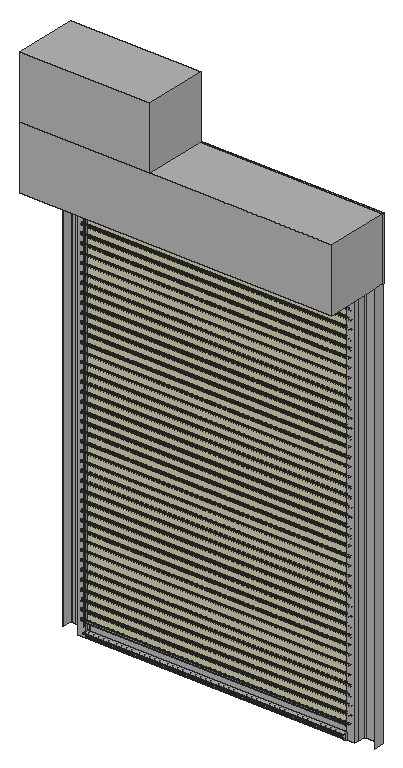
Revit family "Door-Service_Extreme-CornellIron-1024-BetweenJambMount", category Doors, host Wall, Revit 2013
Parameters (values of type "Motor Top Mount Left")
  Windload = "Up to 20psf Ultimate/10psf operable standard.  A full range of specific wind load requirements available- Consult Cornell Iron Works."  # constant formula
  Wall Construction = "Masonry, Steel , Mounting to Tubes"  # constant formula
  URL Specifications = "http://www.cornelliron.com/docs/default-source/Specifications/extreme-performance-1024-insulated-rolling-service-doors-specification.doc?sfvrsn=3"
  URL Photographs = "http://www.cornelliron.com/inspiration-customization/project-gallery"
  URL CAD = "http://www.cornelliron.com/architect-tools-and-resources/drawing-generator"
  URL = "http://www.cornelliron.com/extremeserviceproducts.html"
  Sizing Disclaimer = "Up to 30’ wide, 20’ high standard construction."  # constant formula
  Revit Object Download Link = "http://cornellcookson.smartbim.com/download/Door_Service_Extreme-CornellIron-1024-BetweenJambMount"
  Optional Powder Coated Finish Standard RAL Colors Galv Steel and Aluminum Only = yes
  Subcategory = "Overhead Doors"  # constant formula
  Sound Transmission Class Rating = "STC 27, based on a complete, operable door assembly"  # constant formula
  Shutter Panel Width = Width - 1' 0"  # 7' - 0"
  Representative Disclaimer = "Cornell Iron Works' products are sold and installed through a nationwide network of independent distributors."  # constant formula
  Product Options = "Vision Windows, Fenestrations, Sloping Bottom Bar, Sloped hood"  # constant formula
  Operator Width = Width - 2 * 0' 3 31/128"  # 7' - 5 33/64"
  Opening Width = Width  # 8' - 0"
  Opening Height = Height  # 10' - 0"
  Open Speed = "24 ips max"  # constant formula
  Mounting = "Between Jambs"  # constant formula
  Motor Height Adjustable Right = 0' - 0"
  Motor Height Adjustable Left = 1' - 7 1/2"
  Jamb Dimension Note = "Face of Wall: 4 5/8” to  8 5/16” wide. Consult Cornell Iron Works when dimensions are critical. Between Jambs:  13 13/16\" wide. Consult Cornell Iron Works when dimensions are critical."
  Insulation Solid Polyurethane Visibility [instance] = yes
  Insulation Panel = Insulation - CornellIron - Plastic Smooth Ash
  Hood Offset On Right = 0' - 0"  # constant formula
  Hood Offset On Left = 0' - 0"  # constant formula
  Motor Length = 3' - 4"  # constant formula
  Motor Height = 1' - 7 1/2"  # constant formula
  Motor Depth = 1' - 7 1/2"  # constant formula
  Motor Cover Visibility Top Right Standard = no
  Motor Cover Visibility Top Left Standard = yes
  Motor Cover Visibility Front Right Standard = no
  Motor Cover Visibility Front Left Standard = no
  Model = "Cornell Iron Works / EPD1024 / EPI1024"  # constant formula
  Manufacturer = "Cornell Iron Works"  # constant formula
  LEED Information = "http://www.cornelliron.com/architect-tools-and-resources/leed-information"
  Jamb Height = Height + 0' 6 1/2"  # 10' - 6 1/2"
  Hood Height = 1' - 7 1/2"  # constant formula
  Hood Depth = 1' - 7 1/2"  # constant formula
  Hood = Metal - Steel - CornellIron - Steel - w - Powder Coated - Rust Inhibiting Paint
  Guides = Metal - Steel - CornellIron - Steel - w - Powder Coated - Rust Inhibiting Paint
  Function = Interior
  Height = 10' - 0"
  Wall Closure = By host
  Width = 8' - 0"
  Distributor Locator = "http://www.cornelliron.com/contact-us"
  Description = "Extreme1024 high-speed, high-cycle doors provide a proven combination of steel door security, minimal maintenance requirements and exceptional cycle life unmatched by other performance doors. Extreme1024 doors are tested to perform for over a million cycles at an opening speed of 24” per second - three times faster than standard coiling or overhead sectional doors. Designed to maximize your return on investment, the 1024 door provides the lowest lifetime cost and lowest cost-per-cycle versus other high-speed slatted products. And, its cost-per-cycle savings dramatically increase when compared to standard coiling doors that may be mistakenly considered for high-cycle openings. Durability, environmental separation qualities and ease of repair after impact makes Extreme1024 doors the superior choice for high-use openings."  # constant formula
  Cycle Life = "1,000,000 cycles"  # constant formula
  Curtain Slats Filled w Insulation = Metal - Galvanized Steel - CornellIron - Stainless Steel Brushed - Curtain Only
  Cost Note = "Based on size, materials selected. Consult Cornell Iron Works."  # constant formula
  Coil Dimension Note = "20” to 26” -  Consult Cornell Iron Works when dimensions are critical."
  Closing Speed = "12 ips max"  # constant formula
  Bottom Bar = Metal - Steel - CornellIron - Steel - w - Powder Coated - Rust Inhibiting Paint
  95 CSI = "08330"  # constant formula
  04 CSI = "08 33 00"  # constant formula
  # of Shutter Panles = (Height / 0' 2 93/128") + 1  # 45
Types (5): name | Motor Height Adjustable Right | Motor Height Adjustable Left | Motor Cover Visibility Top Right Standard | Motor Cover Visibility Top Left Standard | Motor Cover Visibility Front Right Standard | Motor Cover Visibility Front Left Standard | Bottom Bar
  (no name) | 0' - 0" | 1' - 7 1/2" | no | yes | no | no | Metal - Steel - CornellIron - Steel - w - Powder Coated - Rust Inhibiting Paint
  Motor Front Mount Left | 0' - 0" | 0' - 0" | no | no | no | yes | Metal - Steel - CornellIron - Stainless Steel - Double Angle w Powder Coat
  Motor Front Mount Right | 0' - 0" | 0' - 0" | no | no | yes | no | Metal - Steel - CornellIron - Steel - w - Powder Coated - Rust Inhibiting Paint
  Motor Top Mount Right | 1' - 7 1/2" | 0' - 0" | yes | no | no | no | Metal - Steel - CornellIron - Steel - w - Powder Coated - Rust Inhibiting Paint
  Motor Top Mount Left | 0' - 0" | 1' - 7 1/2" | no | yes | no | no | Metal - Steel - CornellIron - Steel - w - Powder Coated - Rust Inhibiting Paint
Reference planes (in)
  plane 1 "Center (Front/Back)": y = 0
  plane 2 "Center (Left/Right)": x = 0
  plane 3 "Left": x = -48
  plane 4 "Right": x = 48
  plane 5 "Top": z = 146
  plane 6 "Exterior": y = 3
  plane 7 "Interior": y = -3
  plane 8: z = 3.71875
  plane 9: y = -3
  plane 10: x = 42
  plane 11: x = -42
  plane 12: y = -12.14029
  plane 13: z = 4.12519
  plane 14: x = -40
  plane 15: x = 40
  plane 16: z = 6.85141
  plane 17: z = 120
  plane 18: x = -42.50805
  plane 19: x = -42.25805
  plane 20: x = 42.50805
  plane 21: x = 42.25805
  plane 22: x = 48
  plane 23: y = -19.25015
  plane 24: z = 133
  plane 25: y = -11.12507
  plane 26: x = -48
  plane 27: y = -3
  plane 28: z = 0
  plane 29: x = -48
  plane 30: x = 48
  plane 31: z = 126.5
  plane 32: y = 0.24985
  plane 33: y = 0.24985
  plane 34: y = 0.49985
  plane 35: y = 0.24985
Forms (in)
  Sweep 1, solid, material "Metal - Steel - CornellIron - Steel - w - Powder Coated - Rust Inhibiting Paint" <- "Bottom Bar"
    path origin (0, 0, 0) x (1, 0, 0) y (0, 1, 0)
      loop
        line (-40, -3) -> (40, -3)
    profile "Profile_Shutter-Bottom : Parametric" origin (0, -3, 0) x (0, 1, 0) y (0, 0, 1)
      loop
        arc (-1.98389, 1.8432) -> (-2.00598, 1.83405) -> (-2.01514, 1.81195) r 0.03125
        line (-2.01514, 1.81195) -> (-2.01514, 1.7182) -> (-1.02042, 1.7182) -> (-1.02042, 0.27232)
        arc (-1.02042, 0.27232) -> (-0.94066, 0.07976) -> (-0.7481, 0) r 0.27232
        line (-0.7481, 0) -> (0.75043, 0)
        arc (0.75043, 0) -> (0.943, 0.07976) -> (1.02276, 0.27232) r 0.27232
        line (1.02276, 0.27232) -> (1.02276, 1.7182) -> (2.01286, 1.7182) -> (2.01286, 1.81195)
        arc (2.01286, 1.81195) -> (2.00371, 1.83405) -> (1.98161, 1.8432) r 0.03125
        line (1.98161, 1.8432) -> (0.20036, 1.8432)
        arc (0.20036, 1.8432) -> (0.15617, 1.86151) -> (0.13786, 1.9057) r 0.0625
        line (0.13786, 1.9057) -> (0.13786, 3.68695)
        arc (0.13786, 3.68695) -> (0.12871, 3.70905) -> (0.10661, 3.7182) r 0.03125
        line (0.10661, 3.7182) -> (0.01758, 3.7182) -> (0.01758, 1.7182) -> (-0.01758, 1.7182) -> (-0.01758, 3.7182) -> (-0.10889, 3.7182)
        arc (-0.10889, 3.7182) -> (-0.13098, 3.70905) -> (-0.14014, 3.68695) r 0.03125
        line (-0.14014, 3.68695) -> (-0.14014, 1.9057)
        arc (-0.14014, 1.9057) -> (-0.15844, 1.86151) -> (-0.20264, 1.8432) r 0.0625
        line (-0.20264, 1.8432) -> (-1.98389, 1.8432)
  Sweep 2, solid, material "Metal - Galvanized Steel - CornellIron - Stainless Steel Brushed - Curtain Only" <- "Curtain Slats Filled w Insulation"
    path origin (0, 0, 3.71875) x (1, 0, 0) y (0, 1, 0)
      loop
        line (-42, -3) -> (42, -3)
    profile "Profile_Shutter-Bottom Piece : Parametric" origin (0, -3, 3.71875) x (0, 1, 0) y (0, 0, 1)
      loop
        arc (-0.37489, 0.23753) -> (-0.35382, 0.58971) -> (-0.03361, 0.44159) r 0.21354
        line (-0.03361, 0.44159) -> (-0.00349, 0.45138)
        arc (-0.00349, 0.45138) -> (-0.38162, 0.60918) -> (-0.37521, 0.1995) r 0.24491
        line (-0.37521, 0.1995) -> (-0.04434, 0.03306)
        arc (-0.04434, 0.03306) -> (-0.02406, 0.01446) -> (-0.01656, -0.01202) r 0.05046
        line (-0.01656, -0.01202) -> (-0.01656, -2.00055) -> (0.01757, -2.00055) -> (0.01757, -0.01202)
        arc (0.01757, -0.01202) -> (0.00499, 0.03237) -> (-0.02901, 0.06355) r 0.08459
        line (-0.02901, 0.06355) -> (-0.37489, 0.23753)
  Sweep 3, solid, material "Metal - Steel - CornellIron - Steel - w - Powder Coated - Rust Inhibiting Paint" <- "Hood"
    path origin (90, 12, 126.5) x (1, 0, 0) y (0, 1, 0)
      loop
        line (-138, -11.75015) -> (-42, -11.75015)
    profile "Profile_Hood-CornellIron : Parametric" origin (0, 0.24985, 126.5) x (0, 1, 0) y (0, 0, 1)
      loop
        line (0, 19.5) -> (-19.5, 19.5) -> (-19.5, 0) -> (0, 0) -> (0, 19.5)
  Sweep 4, solid, material "Metal - Steel - CornellIron - Steel - w - Powder Coated - Rust Inhibiting Paint" <- "Hood"
    path origin (90, 12, 126.5) x (1, 0, 0) y (0, 1, 0)
      loop
        line (-138, -11.75015) -> (-42, -11.75015)
    profile origin (0, 0.24985, 126.5) x (0, 1, 0) y (0, 0, 1)
      loop
        line (0.25, 0) -> (0.25, 19.5) -> (0, 19.5) -> (0, 0) -> (0.25, 0)
Lines and regions (in)
  Opening 1
    outline origin (-90, -3, 0) x (1, 0, 0) y (0, 0, 1)
      loop
        line (42, 0) -> (138, 0) -> (138, 146) -> (42, 146) -> (42, 0)
  Opening 2
    outline origin (-60, -3, 0) x (1, 0, 0) y (0, 0, 1)
      loop
        line (52, 165.5) -> (12, 165.5) -> (12, 145.96875) -> (52, 145.96875) -> (52, 165.5)
  symbolic lines, style "Hood"
    curve 1: line (-48, -3, 120) -> (-48, -19.25015, 120)
    curve 2: line (-48, -19.25015, 120) -> (48, -19.25015, 120)
    curve 3: line (48, -3, 120) -> (48, -19.25015, 120)
    curve 4: line (-48, -3, 120) -> (48, -3, 120)
  symbolic lines, style "Doors"
    curve 5: line (42, -2.75926, 126.5) -> (-42, -2.75926, 126.5)
    curve 6: line (-42, -2.75926, 126.5) -> (-42, -3.52619, 126.5)
    curve 7: line (-42, -3.52619, 126.5) -> (42, -3.52619, 126.5)
    curve 8: line (42, -3.52619, 126.5) -> (42, -2.75926, 126.5)
    curve 9: line (-40, -0.98714, 126.5) -> (40, -0.98714, 126.5)
    curve 10: line (-40, -5.01514, 126.5) -> (-40, -3.52619, 126.5)
    curve 11: line (40, -5.01514, 126.5) -> (-40, -5.01514, 126.5)
    curve 12: line (40, -0.98714, 126.5) -> (40, -2.75926, 126.5)
    curve 13: line (-40, -2.75926, 126.5) -> (-40, -0.98714, 126.5)
    curve 14: line (40, -3.52619, 126.5) -> (40, -5.01514, 126.5)
Text (in)
  text "Exterior" at (-158.51321, 27.31104, 0), in view "Ref. Level"
  text "Interior" at (-158.51321, -25.14366, 0), in view "Ref. Level"
  text "Exterior" at (0, 40.15149, 123.01588), in view "Right"
  text "Interior" at (0, -64.39139, 123.01588), in view "Right"
  text "Interior" at (0, -31.01599, 123.00693), in view "Left"
  text "Exterior" at (0, 54.57065, 123.00693), in view "Left"
Dimensions and locks (in)
  equal spacing: plane 3 "Left", plane 2 "Center (Left/Right)", plane 4 "Right"
  "Height": level to plane 17
  "Width": plane 3 "Left" to plane 4 "Right"
  locked: level to plane 8 at 3.71875
  locked: plane 9 to plane 7 "Interior"
  locked: plane 10 to plane 4 "Right" at 6
  locked: plane 3 "Left" to plane 11 at 6
  locked: plane 13 to plane 8 at 0.40644
  locked: plane 3 "Left" to plane 14 at 8
  locked: plane 15 to plane 4 "Right" at 8
  locked: plane 16 to plane 13 at 2.72622
  "Hood Height": plane 31 to plane 5 "Top"
  equal spacing: group 1, group 2, group 3, group 4, group 5, group 6, group 7, group 8, group 9, group 10, group 11, group 12, group 13, group 14, group 15, group 16, group 17, group 18, group 19, group 20, group 21, group 22, group 23, group 24, group 25, group 26, group 27, group 28, group 29, group 30, group 31, group 32, group 33, group 34, group 35, group 36, group 37, group 38, group 39, group 40, group 41, group 42, group 43, group 44, group 45  (x3)
  locked: plane 3 "Left" to plane 18 at 5.49195
  locked: plane 18 to plane 19 at 0.25
  locked: plane 20 to plane 21 at 0.25
  locked: plane 20 to plane 4 "Right" at 5.49195
  "Hood Offset On Right": plane 4 "Right" to plane 22
  equal spacing: plane 5 "Top", plane 24, plane 17
  "Hood Offset On Left": plane 26 to plane 3 "Left"
  locked: plane 9 to plane 27
  equal spacing: plane 26, plane 29, plane 3 "Left"
  "Hood Depth": plane 35 to plane 23
  equal spacing: plane 27, plane 25, plane 23
  equal spacing: plane 22, plane 30, plane 4 "Right"
  locked: plane 17 to plane 31 at 6.5
  locked: plane 33 to plane 27 at 3.24985
  locked: Sweep 4 sketch curve to Sweep 4 sketch curve at 0.25
  locked: Sweep 4 sketch curve to plane 27 at 3.24985
  locked: plane 34 to plane 35 at 0.25
  locked: plane 35 to plane 27 at 3.24985
  locked: Opening 2 sketch curve to plane 5 "Top" at 0.03125
  "Motor Height Adjustable Left": plane 5 "Top" to Opening 2 sketch curve
  aligned and locked: plane 3 "Left" to Opening 1 sketch curve
  aligned and locked: plane 5 "Top" to Opening 1 sketch curve  (x2)
  aligned and locked: Opening 1 sketch curve to plane 4 "Right"
  aligned and locked: Opening 1 sketch curve to level
  aligned and locked: plane 6 "Exterior" to host wall
  aligned and locked: plane 7 "Interior" to host wall
  aligned and locked: plane 3 "Left" to nested 1
  aligned and locked: plane 9 to nested 1
  aligned and locked: level to nested 1
  aligned and locked: nested 2 to level
  aligned and locked: nested 2 to plane 9
  aligned and locked: plane 4 "Right" to nested 2
  aligned and locked: Sweep 1 sketch curve to plane 9
  aligned and locked: Sweep 2 sketch curve to plane 9
  aligned and locked: plane 11 to Sweep 2 sketch curve
  aligned and locked: plane 10 to Sweep 2 sketch curve
  aligned and locked: plane 15 to Sweep 1 sketch curve
  aligned and locked: plane 14 to Sweep 1 sketch curve
  aligned and locked: nested 3 to plane 13
  aligned and locked: nested 3 to plane 9
  aligned and locked: plane 16 to nested 4
  aligned and locked: nested 4 to plane 9
  aligned and locked: nested 4 to plane 2 "Center (Left/Right)"
  aligned and locked: plane 23 to nested 22
  aligned and locked: nested 24 to plane 23
  aligned and locked: nested 23 to plane 5 "Top"
  aligned and locked: plane 5 "Top" to nested 25
  aligned and locked: plane 28 to level
  aligned and locked: plane 5 "Top" to nested 24
  aligned and locked: plane 26 to Sweep 3 sketch curve
  aligned and locked: plane 22 to Sweep 3 sketch curve
  aligned and locked: nested 23 to plane 22
  aligned and locked: nested 22 to plane 22
  aligned and locked: plane 26 to curve 1
  aligned and locked: curve 2 to plane 23
  aligned and locked: nested 22 to curve 3
  aligned and locked: curve 4 to plane 27
  aligned and locked: plane 29 to Sweep 4 sketch curve
  aligned and locked: plane 30 to Sweep 4 sketch curve
  aligned and locked: Sweep 4 sketch curve to plane 33
  aligned and locked: Sweep 3 sketch curve to plane 35
  aligned and locked: nested 25 to Opening 2 sketch curve
  aligned and locked: Opening 2 sketch curve to host wall
  aligned and locked: Sweep 3 to nested 23
  aligned and locked: nested 25 to Sweep 3  (x2)
  aligned and locked: nested 24 to Sweep 3
  aligned and locked: plane 31 to nested 22
  aligned and locked: Sweep 4 to plane 5 "Top"
  aligned and locked: curve 5 to nested 51
  aligned and locked: curve 6 to nested 51
  aligned and locked: curve 7 to nested 51
  aligned and locked: curve 8 to nested 51
  aligned and locked: curve 9 to Sweep 1
  aligned and locked: curve 10 to Sweep 1
  aligned and locked: curve 11 to Sweep 1
  aligned and locked: curve 12 to Sweep 1
Automatic sketch dimensions
  Sweep 4 sketch curve to profile plane = 0' - 0"
  profile plane to Sweep 4 sketch curve = 1' - 7 1/2"
  curve 3 to plane 4 "Right" = 0' - 0"
  curve 5 to plane 11 = 0' - 0"
  curve 8 to plane 10 = 0' - 0"
  host wall to curve 7 = 0' - 0.52619"
  curve 6 to host wall = 0' - 0.24074"
  host wall to curve 10 = 0' - 0.52619"
  host wall to curve 14 = 0' - 0.52619"
  curve 14 to plane 15 = 0' - 0"
  curve 12 to host wall = 0' - 0.24074"
  curve 13 to plane 14 = 0' - 0"
  curve 13 to host wall = 0' - 0.24074"
Nested families (in)
  nested 1: "Jamb-Guide_Wall-CornellIron" at (-44.5027, -1.25015, 0), type "Parametric"
    with Height 10' - 6 1/2"
  nested 2: "Jamb-Guide_Wall-CornellIron" at (44.5027, -1.25015, 0) x (-1, 0, 0) z (0, 0, 1), type "Parametric"
    with Height 10' - 6 1/2"
  nested 3: "Shutter_Panel-CornellIron" at (-0.20973, -3.14003, 3.92168), type "Parametric"
  nested 4: "Shutter_Panel-CornellIron" at (-0.20973, -3.14003, 6.6479), type "Parametric"
  nested 5: "Shutter_Panel-CornellIron" at (-0.20973, -3.14003, 9.37412), type "Parametric"
  nested 6: "Shutter_Panel-CornellIron" at (-0.20973, -3.14003, 12.10034), type "Parametric"
  nested 7: "Shutter_Panel-CornellIron" at (-0.20973, -3.14003, 14.82656), type "Parametric"
  nested 8: "Shutter_Panel-CornellIron" at (-0.20973, -3.14003, 17.55278), type "Parametric"
  nested 9: "Shutter_Panel-CornellIron" at (-0.20973, -3.14003, 20.27901), type "Parametric"
  nested 10: "Shutter_Panel-CornellIron" at (-0.20973, -3.14003, 23.00523), type "Parametric"
  nested 11: "Shutter_Panel-CornellIron" at (-0.20973, -3.14003, 25.73145), type "Parametric"
  nested 12: "Shutter_Panel-CornellIron" at (-0.20973, -3.14003, 28.45767), type "Parametric"
  nested 13: "Shutter_Panel-CornellIron" at (-0.20973, -3.14003, 31.18389), type "Parametric"
  nested 14: "Shutter_Panel-CornellIron" at (-0.20973, -3.14003, 33.91011), type "Parametric"
  nested 15: "Shutter_Panel-CornellIron" at (-0.20973, -3.14003, 36.63633), type "Parametric"
  nested 16: "Shutter_Panel-CornellIron" at (-0.20973, -3.14003, 39.36256), type "Parametric"
  nested 17: "Shutter_Panel-CornellIron" at (-0.20973, -3.14003, 42.08878), type "Parametric"
  nested 18: "Shutter_Panel-CornellIron" at (-0.20973, -3.14003, 44.815), type "Parametric"
  nested 19: "Shutter_Panel-CornellIron" at (-0.20973, -3.14003, 47.54122), type "Parametric"
  nested 20: "Shutter_Panel-CornellIron" at (-0.20973, -3.14003, 50.26744), type "Parametric"
  nested 21: "Shutter_Panel-CornellIron" at (-0.20973, -3.14003, 52.99366), type "Parametric"
  nested 22: "Operator-CornellIron" at (0, 0.24985, 6.5), AFFL <- "Height", Motor Cover <- "Motor Cover Visibility Front Right Standard", type "Parametric"
    with Motor Cover no, Chain Visibility no, AFFL 10' - 0"
  nested 23: "Operator-CornellIron" at (0, 19.74985, 26), Motor Cover <- "Motor Cover Visibility Top Right Standard", AFFL <- "Height", type "Parametric"
    with Motor Cover no, Chain Visibility no, AFFL 10' - 0"
  nested 24: "Operator-CornellIron" at (0, 0.24985, 6.5) x (-1, 0, 0) z (0, 0, 1), AFFL <- "Height", Motor Cover <- "Motor Cover Visibility Front Left Standard", type "Parametric"
    with Motor Cover no, Chain Visibility yes, AFFL 10' - 0"
  nested 25: "Operator-CornellIron" at (0, 19.74985, 26) x (-1, 0, 0) z (0, 0, 1), Motor Cover <- "Motor Cover Visibility Top Left Standard", AFFL <- "Height", type "Parametric"
    with Motor Cover yes, Chain Visibility no, AFFL 10' - 0"
  nested 26: "Shutter_Panel-CornellIron" at (-0.20973, -3.14003, 55.71988), type "Parametric"
  nested 27: "Shutter_Panel-CornellIron" at (-0.20973, -3.14003, 58.44611), type "Parametric"
  nested 28: "Shutter_Panel-CornellIron" at (-0.20973, -3.14003, 61.17233), type "Parametric"
  nested 29: "Shutter_Panel-CornellIron" at (-0.20973, -3.14003, 63.89855), type "Parametric"
  nested 30: "Shutter_Panel-CornellIron" at (-0.20973, -3.14003, 66.62477), type "Parametric"
  nested 31: "Shutter_Panel-CornellIron" at (-0.20973, -3.14003, 69.35099), type "Parametric"
  nested 32: "Shutter_Panel-CornellIron" at (-0.20973, -3.14003, 72.07721), type "Parametric"
  nested 33: "Shutter_Panel-CornellIron" at (-0.20973, -3.14003, 74.80343), type "Parametric"
  nested 34: "Shutter_Panel-CornellIron" at (-0.20973, -3.14003, 77.52966), type "Parametric"
  nested 35: "Shutter_Panel-CornellIron" at (-0.20973, -3.14003, 80.25588), type "Parametric"
  nested 36: "Shutter_Panel-CornellIron" at (-0.20973, -3.14003, 82.9821), type "Parametric"
  nested 37: "Shutter_Panel-CornellIron" at (-0.20973, -3.14003, 85.70832), type "Parametric"
  nested 38: "Shutter_Panel-CornellIron" at (-0.20973, -3.14003, 88.43454), type "Parametric"
  nested 39: "Shutter_Panel-CornellIron" at (-0.20973, -3.14003, 91.16076), type "Parametric"
  nested 40: "Shutter_Panel-CornellIron" at (-0.20973, -3.14003, 93.88698), type "Parametric"
  nested 41: "Shutter_Panel-CornellIron" at (-0.20973, -3.14003, 96.61321), type "Parametric"
  nested 42: "Shutter_Panel-CornellIron" at (-0.20973, -3.14003, 99.33943), type "Parametric"
  nested 43: "Shutter_Panel-CornellIron" at (-0.20973, -3.14003, 102.06565), type "Parametric"
  nested 44: "Shutter_Panel-CornellIron" at (-0.20973, -3.14003, 104.79187), type "Parametric"
  nested 45: "Shutter_Panel-CornellIron" at (-0.20973, -3.14003, 107.51809), type "Parametric"
  nested 46: "Shutter_Panel-CornellIron" at (-0.20973, -3.14003, 110.24431), type "Parametric"
  nested 47: "Shutter_Panel-CornellIron" at (-0.20973, -3.14003, 112.97053), type "Parametric"
  nested 48: "Shutter_Panel-CornellIron" at (-0.20973, -3.14003, 115.69676), type "Parametric"
  nested 49: "Shutter_Panel-CornellIron" at (-0.20973, -3.14003, 118.42298), type "Parametric"
  nested 50: "Shutter_Panel-CornellIron" at (-0.20973, -3.14003, 121.1492), type "Parametric"
  nested 51: "Shutter_Panel-CornellIron" at (-0.20973, -3.14003, 123.87542), type "Parametric"
Definition of nested family "Jamb-Guide_Wall-CornellIron"
  Parameters (values of type "Parametric")
    Height = 9' - 11 1/2"
    Guide = Metal - Steel - CornellIron - Steel - w - Powder Coated - Rust Inhibiting Paint
    Default Elevation = 0' - 0"
    Assembly Code = ""
  Reference planes (in)
    plane 1 "Center (Front/Back)": y = 0
    plane 2: z = 0
    plane 3 "Center (Left/Right)": x = 0
    plane 4: z = 119.5
    plane 5: y = 1.625
    plane 6: y = 1.875
    plane 7: x = -3.4973
    plane 8: y = 1.5
    plane 9: y = -2.56497
    plane 10: x = 4.5027
    plane 11: y = 1.875
    plane 12: y = 1.875
    plane 13: y = -1.74985
  Forms (in)
    Sweep 1, solid, material "Metal - Steel - CornellIron - Steel - w - Powder Coated - Rust Inhibiting Paint" <- "Guide", detail levels fine
      path origin (0, 0, 0) x (1, 0, 0) y (0, 0, 1)
        loop
          line (0, 0) -> (0, 119.5)
      profile origin (0, 0, 59.75) x (-1, 0, 0) y (0, -1, 0)
        loop
          line (-1.99465, 2.56497) -> (-4.5027, 2.56497)
          arc (-4.5027, 2.56497) -> (-4.45373, 2.44674) -> (-4.3355, 2.39777) r 0.1672
          line (-4.3355, 2.39777) -> (-2.41266, 2.39777)
          arc (-2.41266, 2.39777) -> (-2.23531, 2.32431) -> (-2.16186, 2.14696) r 0.2508
          line (-2.16186, 2.14696) -> (-2.16186, 1.10194) -> (-4.5027, 1.10194)
          arc (-4.5027, 1.10194) -> (-4.45373, 0.98371) -> (-4.3355, 0.93474) r 0.1672
          line (-4.3355, 0.93474) -> (-2.57986, 0.93474)
          arc (-2.57986, 0.93474) -> (-2.40252, 0.86128) -> (-2.32906, 0.68393) r 0.2508
          line (-2.32906, 0.68393) -> (-2.32906, -0.40289)
          arc (-2.32906, -0.40289) -> (-2.28009, -0.52112) -> (-2.16186, -0.57009) r 0.1672
          arc (-2.16186, -0.57009) -> (-2.11288, -0.68832) -> (-1.99465, -0.73729) r 0.1672
          line (-1.99465, -0.73729) -> (-1.99465, -1.25) -> (-0.73125, -1.25)
          arc (-0.73125, -1.25) -> (-0.59421, -1.43119) -> (-0.3777, -1.5) r 0.375
          line (-0.3777, -1.5) -> (3.4973, -1.5) -> (3.4973, 1.5) -> (3.3098, 1.5)
          arc (3.3098, 1.5) -> (3.26561, 1.48169) -> (3.2473, 1.4375) r 0.0625
          line (3.2473, 1.4375) -> (3.2473, -1.125)
          arc (3.2473, -1.125) -> (3.21069, -1.21339) -> (3.1223, -1.25) r 0.125
          line (3.1223, -1.25) -> (1.74348, -1.25)
          arc (1.74348, -1.25) -> (1.69874, -1.12466) -> (1.57664, -1.0717) r 0.1672
          line (1.57664, -1.0717) -> (-1.57664, -1.0717)
          arc (-1.57664, -1.0717) -> (-1.75399, -0.99824) -> (-1.82745, -0.82089) r 0.2508
          line (-1.82745, -0.82089) -> (-1.82745, 1.10194)
          arc (-1.82745, 1.10194) -> (-1.94568, 1.05297) -> (-1.99465, 0.93474) r 0.1672
          line (-1.99465, 0.93474) -> (-1.99465, 2.56497)
    Sweep 2, solid, material "Metal - Steel - CornellIron - Steel - w - Powder Coated - Rust Inhibiting Paint" <- "Guide", detail levels medium
      path origin (-10.25, 0, 0) x (1, 0, 0) y (0, 0, 1)
        loop
          line (10.25, 0) -> (10.25, 119.5)
      profile origin (0, 0, 59.75) x (-1, 0, 0) y (0, -1, 0)
        loop
          line (3.4973, -1.5) -> (3.4973, 1.5) -> (3.2473, 1.5) -> (3.2473, -1.0717) -> (-1.82745, -1.0717) -> (-1.82745, 1.5) -> (-1.99465, 1.5) -> (-1.99465, 2.56497) -> (-4.5027, 2.56497) -> (-4.5027, 2.39777) -> (-2.16186, 2.39777) -> (-2.16186, 1.10194) -> (-4.5027, 1.10194) -> (-4.5027, 0.93474) -> (-2.32906, 0.93474) -> (-2.32906, -1.5) -> (3.4973, -1.5)
    Sweep 3, solid, material "Metal - Steel - CornellIron - Steel - w - Powder Coated - Rust Inhibiting Paint" <- "Guide", detail levels coarse
      path origin (0.40267, 0, 0) x (1, 0, 0) y (0, 0, 1)
        loop
          line (-0.40267, 0) -> (-0.40267, 119.5)
      profile origin (0, 0, 59.75) x (-1, 0, 0) y (0, -1, 0)
        loop
          line (3.4973, -1.5) -> (3.4973, 1.5) -> (-1.99465, 1.5) -> (-1.99465, 2.56497) -> (-4.5027, 2.56497) -> (-4.5027, 2.39777) -> (-2.16186, 2.39777) -> (-2.16186, 1.10194) -> (-4.5027, 1.10194) -> (-4.5027, 0.93474) -> (-2.32906, 0.93474) -> (-2.32906, -1.5) -> (3.4973, -1.5)
  Lines and regions (in)
    symbolic lines, style "DoorsFrameMullionProjection", detail levels fine
      curve 1: line (1.99465, -0.93474, 0) -> (1.99465, 1.25, 0)
      curve 2: line (2.16186, -1.121, 0) -> (2.16186, 0.57009, 0)
      curve 3: line (-1.74348, 1.25, 0) -> (0.73125, 1.25, 0)
      curve 5: arc (-3.2473, -1.4375, 0) -> (-3.26561, -1.48169, 0) -> (-3.3098, -1.5, 0) r 0.0625
      curve 9: arc (0.3777, 1.5, 0) -> (0.59421, 1.43119, 0) -> (0.73125, 1.25, 0) r 0.375
      curve 10: arc (-3.1223, 1.25, 0) -> (-3.21069, 1.21339, 0) -> (-3.2473, 1.125, 0) r 0.125
      curve 11: line (-3.1223, 1.25, 0) -> (-1.74348, 1.25, 0)
      curve 12: line (0.73125, 1.25, 0) -> (1.99465, 1.25, 0)
      curve 13: arc (-1.57664, 1.0717, 0) -> (-1.69874, 1.12466, 0) -> (-1.74348, 1.25, 0) r 0.1672
      curve 15: arc (1.82745, 0.82089, 0) -> (1.75399, 0.99824, 0) -> (1.57664, 1.0717, 0) r 0.2508
      curve 17: arc (1.99465, -0.93474, 0) -> (1.94568, -1.05297, 0) -> (1.82745, -1.10194, 0) r 0.1672
      curve 18: line (1.99465, -0.93474, 0) -> (1.99465, -1.5, 0)
      curve 20: arc (4.3355, -2.39777, 0) -> (4.45373, -2.44674, 0) -> (4.5027, -2.56497, 0) r 0.1672
      curve 22: arc (2.16186, -2.14696, 0) -> (2.23531, -2.32431, 0) -> (2.41266, -2.39777, 0) r 0.2508
      curve 24: arc (2.16186, 0.57009, 0) -> (2.28009, 0.52112, 0) -> (2.32906, 0.40289, 0) r 0.1672
      curve 26: arc (2.32906, -0.68393, 0) -> (2.40252, -0.86128, 0) -> (2.57986, -0.93474, 0) r 0.2508
      curve 28: arc (4.3355, -0.93474, 0) -> (4.45373, -0.98371, 0) -> (4.5027, -1.10194, 0) r 0.1672
      curve 30: arc (1.99465, 0.73729, 0) -> (2.11288, 0.68832, 0) -> (2.16186, 0.57009, 0) r 0.1672
      curve 46: line (-3.2473, 1.0717, 0) -> (-3.2473, 1.125, 0)
    symbolic lines, style "DoorsFrameMullionProjection"
      curve 4: line (-3.4973, -1.5, 0) -> (-3.3098, -1.5, 0)
      curve 7: line (-3.4973, 1.5, 0) -> (-3.4973, -1.5, 0)
      curve 8: line (0.3777, 1.5, 0) -> (-3.4973, 1.5, 0)
      curve 19: line (1.99465, -2.56497, 0) -> (4.5027, -2.56497, 0)
      curve 21: line (4.3355, -2.39777, 0) -> (2.41266, -2.39777, 0)
      curve 23: line (2.16186, -2.14696, 0) -> (2.16186, -1.10194, 0)
      curve 25: line (2.32906, -0.68393, 0) -> (2.32906, 0.40289, 0)
      curve 27: line (4.3355, -0.93474, 0) -> (2.57986, -0.93474, 0)
      curve 29: line (2.16186, -1.10194, 0) -> (4.5027, -1.10194, 0)
      curve 47: line (1.99465, -1.5, 0) -> (1.99465, -2.56497, 0)
    symbolic lines, style "DoorsFrameMullionProjection", detail levels medium+fine
      curve 6: line (-3.2473, -1.4375, 0) -> (-3.2473, 1.0717, 0)
      curve 14: line (-1.57664, 1.0717, 0) -> (1.57664, 1.0717, 0)
      curve 16: line (1.82745, 0.82089, 0) -> (1.82745, -1.10194, 0)
    symbolic lines, style "DoorsFrameMullionProjection", detail levels medium
      curve 31: line (1.57664, 1.0717, 0) -> (1.82745, 1.0717, 0)
      curve 32: line (1.82745, 1.0717, 0) -> (1.82745, 0.82089, 0)
      curve 33: line (-3.2473, 1.0717, 0) -> (-1.57664, 1.0717, 0)
      curve 34: line (1.82745, -1.10194, 0) -> (1.82745, -1.5, 0)
      curve 48: line (-3.2473, -1.4375, 0) -> (-3.2473, -1.5, 0)
    symbolic lines, style "DoorsFrameMullionProjection", detail levels coarse+medium
      curve 35: line (1.82745, -1.5, 0) -> (1.99465, -1.5, 0)
      curve 36: line (2.16186, -2.14696, 0) -> (2.16186, -2.39777, 0)
      curve 37: line (2.16186, -2.39777, 0) -> (2.41266, -2.39777, 0)
      curve 38: line (4.3355, -2.39777, 0) -> (4.5027, -2.39777, 0)
      curve 39: line (4.5027, -2.39777, 0) -> (4.5027, -2.56497, 0)
      curve 40: line (2.32906, -0.68393, 0) -> (2.32906, -0.93474, 0)
      curve 41: line (2.32906, -0.93474, 0) -> (2.57986, -0.93474, 0)
      curve 42: line (4.3355, -0.93474, 0) -> (4.5027, -0.93474, 0)
      curve 43: line (4.5027, -0.93474, 0) -> (4.5027, -1.10194, 0)
      curve 44: line (0.3777, 1.5, 0) -> (2.32906, 1.5, 0)
      curve 45: line (2.32906, 1.5, 0) -> (2.32906, 0.40289, 0)
      curve 49: line (-3.3098, -1.5, 0) -> (-3.2473, -1.5, 0)
    symbolic lines, style "DoorsFrameMullionProjection", detail levels coarse
      curve 50: line (-3.2473, -1.5, 0) -> (1.82745, -1.5, 0)
    model lines, style "DoorsFrameMullionProjection", detail levels fine
      curve 51: line (-1.74348, 1.25, 119.5) -> (0.73125, 1.25, 119.5)
      curve 52: line (1.99465, -0.93474, 119.5) -> (1.99465, 0.73729, 119.5)
      curve 53: line (2.16186, 0.57009, 119.5) -> (2.16186, -1.10194, 119.5)
      curve 54: line (-1.74348, 1.25, 0) -> (0.73125, 1.25, 0)
      curve 55: line (1.99465, -0.93474, 0) -> (1.99465, 0.73729, 0)
      curve 56: line (2.16186, 0.57009, 0) -> (2.16186, -1.10194, 0)
  Dimensions and locks (in)
    "Height": plane 4 to plane 2
    plane 8 to plane 1 "Center (Front/Back)" to plane 9 = 0' - 1 1/2" locked, 0' - 2.56497" locked
    plane 7 to plane 3 "Center (Left/Right)" to plane 10 = 0' - 3.4973" locked, 0' - 4.5027" locked
    aligned and locked: plane 2 to level
    aligned and locked: plane 4 to Sweep 1 sketch curve
    aligned and locked: plane 2 to Sweep 1 sketch curve
    aligned and locked: plane 3 "Center (Left/Right)" to Sweep 1 sketch curve
    aligned and locked: Sweep 2 sketch curve to plane 3 "Center (Left/Right)"
    aligned and locked: plane 4 to Sweep 2 sketch curve
    aligned and locked: level to Sweep 2 sketch curve
    aligned and locked: plane 3 "Center (Left/Right)" to Sweep 3 sketch curve
    aligned and locked: plane 4 to Sweep 3 sketch curve
    aligned and locked: level to Sweep 3 sketch curve
  Automatic sketch dimensions
    plane 1 "Center (Front/Back)" to Sweep 1 sketch curve = 0' - 1.10194"
    profile plane to Sweep 1 sketch curve = 0' - 4.5027"
    Sweep 1 sketch curve to Sweep 1 sketch curve = 0' - 0"  (x3)
    Sweep 1 sketch curve to Sweep 1 sketch curve = 0' - 0.1672"  (x8)
    plane 1 "Center (Front/Back)" to Sweep 1 sketch curve = 0' - 0.68393"
    Sweep 1 sketch curve to Sweep 1 sketch curve = 0' - 1.75563"
    Sweep 1 sketch curve to Sweep 1 sketch curve = 0' - 0.2508"  (x2)
    Sweep 1 sketch curve to plane 5 = 0' - 0 3/8"  (x2)
    profile plane to Sweep 1 sketch curve = 0' - 0.73125"
    Sweep 1 sketch curve to Sweep 1 sketch curve = 0' - 0.35355"
    Sweep 1 sketch curve to plane 5 = 0' - 0.5533"
    Sweep 1 sketch curve to profile plane = 0' - 1.57664"
    Sweep 1 sketch curve to Sweep 1 sketch curve = 0' - 0.16683"
    Sweep 1 sketch curve to Sweep 1 sketch curve = 0' - 1.37882"
    Sweep 1 sketch curve to Sweep 1 sketch curve = 0' - 0 1/8"
    Sweep 1 sketch curve to Sweep 1 sketch curve = 0' - 0 1/16"
    Sweep 1 sketch curve to plane 5 = 0' - 0 1/8"
    Sweep 1 sketch curve to Sweep 1 sketch curve = 0' - 0 3/8"
    Sweep 1 sketch curve to Sweep 1 sketch curve = 0' - 0.0836"
    plane 1 "Center (Front/Back)" to Sweep 1 sketch curve = 0' - 1 7/16"
    Sweep 1 sketch curve to Sweep 1 sketch curve = 0' - 1.04502"
    plane 1 "Center (Front/Back)" to Sweep 2 sketch curve = 0' - 1.10194"
    profile plane to Sweep 2 sketch curve = 0' - 4.5027"
    Sweep 2 sketch curve to Sweep 2 sketch curve = 0' - 0"
    Sweep 2 sketch curve to plane 11 = 0' - 0 3/8"
    profile plane to Sweep 2 sketch curve = 0' - 2.32906"
    Sweep 2 sketch curve to Sweep 2 sketch curve = 0' - 0.1672"  (x5)
    Sweep 2 sketch curve to plane 11 = 0' - 0.8033"
    Sweep 2 sketch curve to profile plane = 0' - 3.2473"
    Sweep 2 sketch curve to Sweep 2 sketch curve = 0' - 0 1/4"
    Sweep 2 sketch curve to Sweep 2 sketch curve = 0' - 0.39806"
    plane 1 "Center (Front/Back)" to Sweep 2 sketch curve = 0' - 1 1/2"
    Sweep 2 sketch curve to Sweep 2 sketch curve = 0' - 0.89777"
    plane 1 "Center (Front/Back)" to Sweep 3 sketch curve = 0' - 1.10194"
    profile plane to Sweep 3 sketch curve = 0' - 4.5027"
    Sweep 3 sketch curve to Sweep 3 sketch curve = 0' - 0"
    Sweep 3 sketch curve to plane 12 = 0' - 0 3/8"
    profile plane to Sweep 3 sketch curve = 0' - 2.32906"
    Sweep 3 sketch curve to Sweep 3 sketch curve = 0' - 0.1672"  (x4)
    Sweep 3 sketch curve to Sweep 3 sketch curve = 0' - 0.39806"
    Sweep 3 sketch curve to Sweep 3 sketch curve = 0' - 0.89777"
    Sweep 3 sketch curve to profile plane = 0' - 3.4973"
    curve 51 to Sweep 1 = 0' - 0"
    curve 52 to Sweep 1 = 0' - 0"  (x2)
    curve 53 to Sweep 1 = 0' - 0"  (x2)
    Sweep 1 to curve 52 = 0' - 0.33441"
    curve 52 to curve 53 = 0' - 0.1672"
    Sweep 1 to curve 51 = 0' - 1.0962"
    Sweep 1 to curve 51 = 0' - 1.50382"
    Sweep 1 to curve 54 = 0' - 0"
    curve 55 to Sweep 1 = 0' - 0"  (x2)
    curve 56 to Sweep 1 = 0' - 0"  (x2)
    curve 55 to Sweep 1 = 0' - 0.33441"
    curve 55 to curve 56 = 0' - 0.1672"
    curve 54 to Sweep 1 = 0' - 1.0962"
    curve 54 to Sweep 1 = 0' - 1.50382"
    curve 7 to plane 7 = 0' - 0"
    curve 44 to plane 8 = 0' - 0"
    plane 9 to curve 19 = 0' - 0"
    curve 39 to plane 10 = 0' - 0"
    curve 42 to plane 10 = 0' - 0"
    curve 4 to plane 7 = 0' - 0 3/16"
    curve 4 to curve 49 = 0' - 0 1/16"
    curve 46 to curve 11 = 0' - 0 1/8"
    curve 13 to plane 8 = 0' - 0 1/4"
    curve 10 to curve 13 = 0' - 1.37882"
    curve 3 to curve 13 = 0' - 0.16683"
    plane 3 "Center (Left/Right)" to curve 44 = 0' - 0.3777"
    curve 9 to curve 3 = 0' - 0.35355"
    curve 15 to plane 8 = 0' - 0.67911"
    curve 3 to curve 15 = 0' - 0.84539"
    plane 3 "Center (Left/Right)" to curve 34 = 0' - 1.82745"
    curve 34 to curve 47 = 0' - 0.1672"
    curve 19 to curve 37 = 0' - 0.1672"
    curve 2 to curve 23 = 0' - 0"
    curve 24 to curve 25 = 0' - 0.1672"
    curve 36 to curve 22 = 0' - 0.2508"
    curve 40 to curve 27 = 0' - 0.2508"
    curve 28 to plane 10 = 0' - 0.1672"
    curve 4 to plane 9 = 0' - 1.06497"
    curve 18 to curve 2 = 0' - 0.379"
    curve 2 to curve 23 = 0' - 0.01906"
    curve 16 to curve 23 = 0' - 0"
    curve 45 to plane 1 "Center (Front/Back)" = 0' - 0.40289"
    curve 20 to curve 20 = 0' - 0.1672"
Definition of nested family "Shutter_Panel-CornellIron"
  Parameters (values of type "Parametric")
    Width = 7' - 0"
    Panel Insulation = none
    Panel = Metal - Galvanized Steel - CornellIron - Stainless Steel Brushed - Curtain Only
    Insulation Solid Polyurethane Visibility = yes
    Default Elevation = 4' - 0"
    Assembly Code = ""
  Reference planes (in)
    plane 1 "Center (Front/Back)": y = 0
    plane 2: z = 0
    plane 3 "Center (Left/Right)": x = 0.20973
    plane 4: x = -41.79027
    plane 5: x = 42.20973
    plane 6: z = 2.92935
    plane 7: y = 0.10446
    plane 8: z = 0.20351
    plane 9: y = -0.14003
    plane 10: y = 0.38616
    plane 11: y = -0.38076
  Forms (in)
    Sweep 1, solid, material "Metal - Galvanized Steel - CornellIron - Stainless Steel Brushed - Curtain Only" <- "Panel"
      path origin (0, 0, 0) x (1, 0, 0) y (0, 1, 0)
        loop
          line (-41.79027, 0) -> (42.20973, 0)
      profile "Shutter Profile : Shutter Profile" origin (0.20973, 0, 0) x (0, 1, 0) y (0, 0, 1)
        loop
          arc (-0.1196, 3.00215) -> (0.28146, 3.08482) -> (0.14774, 2.69777) r 0.23559
          line (0.14774, 2.69777) -> (-0.19229, 2.69777)
          arc (-0.19229, 2.69777) -> (-0.32556, 2.64256) -> (-0.38076, 2.50929) r 0.18847
          line (-0.38076, 2.50929) -> (-0.38076, 0.15639)
          arc (-0.38076, 0.15639) -> (-0.33496, 0.04581) -> (-0.22437, 0) r 0.15639
          line (-0.22437, 0) -> (0.10446, 0)
          arc (0.10446, 0) -> (0.2691, 0.32313) -> (-0.08909, 0.2664) r 0.20351
          line (-0.08909, 0.2664) -> (-0.04524, 0.25215)
          arc (-0.04524, 0.25215) -> (0.23179, 0.29602) -> (0.10446, 0.04612) r 0.15739
          line (0.10446, 0.04612) -> (-0.22437, 0.04612)
          arc (-0.22437, 0.04612) -> (-0.30235, 0.07841) -> (-0.33465, 0.15639) r 0.11028
          line (-0.33465, 0.15639) -> (-0.33465, 2.50929)
          arc (-0.33465, 2.50929) -> (-0.29295, 2.60995) -> (-0.19229, 2.65165) r 0.14236
          line (-0.19229, 2.65165) -> (0.15182, 2.65165)
          arc (0.15182, 2.65165) -> (0.31758, 3.11357) -> (-0.16346, 3.0164) r 0.28171
          line (-0.16346, 3.0164) -> (-0.1196, 3.00215)
  Lines and regions (in)
    symbolic lines
      curve 1: line (-41.79027, 0.38616, 0) -> (42.20973, 0.38616, 0)
      curve 2: line (-41.79027, -0.38076, 0) -> (-41.79027, 0.38616, 0)
      curve 3: line (42.20973, -0.38076, 0) -> (-41.79027, -0.38076, 0)
      curve 4: line (42.20973, 0.38616, 0) -> (42.20973, -0.38076, 0)
  Dimensions and locks (in)
    equal spacing: plane 4, plane 3 "Center (Left/Right)", plane 5
    "Width": plane 4 to plane 5
    locked: plane 10 to plane 11 at 0.76692
    aligned and locked: plane 1 "Center (Front/Back)" to Sweep 1 sketch curve
    aligned and locked: plane 4 to Sweep 1 sketch curve
    aligned and locked: plane 5 to Sweep 1 sketch curve
    aligned and locked: curve 4 to plane 5
    aligned and locked: curve 1 to plane 10
    aligned and locked: plane 11 to curve 3
    aligned and locked: plane 4 to curve 2
    aligned and locked: nested 1 to plane 10
  Nested families (in)
    nested 1: "Shutter-Panel_Insulation" at (0, -0.03349, 0), visible <- "Insulation Solid Polyurethane Visibility", type "Shutter-Panel"
  Definition of nested family "Shutter-Panel_Insulation"
    Parameters (values of type "Shutter-Panel")
      Width = 7' - 0"
      Panel = none
      Default Elevation = 4' - 0"
      Assembly Code = ""
    Reference planes (in)
      plane 1 "Center (Front/Back)": y = 0
      plane 2: z = 0
      plane 3 "Center (Left/Right)": x = 0.20973
      plane 4: x = -41.79027
      plane 5: x = 42.20973
      plane 6: z = 2.92935
      plane 7: y = 0.10446
      plane 8: z = 0.20351
      plane 9: y = -0.14003
      plane 10: y = 0.41966
    Forms (in)
      Sweep 1, solid, material <- "Panel"
        path origin (0, 0, 0) x (1, 0, 0) y (0, 1, 0)
          loop
            line (-41.79027, 0) -> (42.20973, 0)
        profile "Insulation : Insulation" origin (0.20973, 0, 0) x (0, 1, 0) y (0, 0, 1)
          loop
            line (-0.01945, 3.22188) -> (0.30938, 3.22188)
            arc (0.30938, 3.22188) -> (0.38736, 3.18958) -> (0.41966, 3.1116) r 0.11028
            line (0.41966, 3.1116) -> (0.41966, 0.7587)
            arc (0.41966, 0.7587) -> (0.37796, 0.65804) -> (0.2773, 0.61634) r 0.14236
            line (0.2773, 0.61634) -> (-0.06681, 0.61634)
            arc (-0.06681, 0.61634) -> (-0.23257, 0.15443) -> (0.24847, 0.25159) r 0.28171
            line (0.24847, 0.25159) -> (0.20461, 0.26584)
            arc (0.20461, 0.26584) -> (-0.19645, 0.18318) -> (-0.06273, 0.57023) r 0.23559
            line (-0.06273, 0.57023) -> (0.2773, 0.57023)
            arc (0.2773, 0.57023) -> (0.41057, 0.62543) -> (0.46577, 0.7587) r 0.18847
            line (0.46577, 0.7587) -> (0.46577, 3.1116)
            arc (0.46577, 3.1116) -> (0.41997, 3.22219) -> (0.30938, 3.26799) r 0.15639
            line (0.30938, 3.26799) -> (-0.01945, 3.26799)
            arc (-0.01945, 3.26799) -> (-0.18409, 2.94486) -> (0.1741, 3.00159) r 0.20351
            line (0.1741, 3.00159) -> (0.13025, 3.01584)
            arc (0.13025, 3.01584) -> (-0.14678, 2.97197) -> (-0.01945, 3.22188) r 0.15739
    Dimensions and locks (in)
      equal spacing: plane 4, plane 3 "Center (Left/Right)", plane 5
      "Width": plane 4 to plane 5
      aligned and locked: plane 1 "Center (Front/Back)" to Sweep 1 sketch curve
      aligned and locked: plane 4 to Sweep 1 sketch curve
      aligned and locked: plane 5 to Sweep 1 sketch curve
Definition of nested family "Operator-CornellIron"
  Parameters (values of type "Parametric")
    Unit = Metal - Steel - CornellIron - Steel - w - Powder Coated - Rust Inhibiting Paint
    Motor Length = 3' - 4"
    Motor Height = 1' - 7 1/2"
    Motor Depth = 1' - 7 1/2"
    Motor Cover [instance] = yes
    Length = 8' - 0"
    Default Elevation = 0' - 0"  # constant formula
    Chain Visibility [instance] = yes
    Chain Height = 5' - 0"
    Assembly Code = ""
    Analytic Construction = "<None>"
    AFFL [instance] = 10' - 0"
  Reference planes (in)
    plane 1 "Center (Front/Back)": y = 0
    plane 2: z = 0
    plane 3 "Center (Left/Right)": x = 0
    plane 4: y = -19.5
    plane 5: x = -48
    plane 6: x = 48
    plane 7: x = 8
    plane 8: z = 120
    plane 9: z = 139.5
    plane 10: y = -39
  Dimensions and locks (in)
    locked: plane 4 to plane 1 "Center (Front/Back)" at 19.5
    equal spacing: plane 5, plane 3 "Center (Left/Right)", plane 6
    "Length": plane 5 to plane 6
    "Motor Length": plane 7 to plane 6
    "AFFL": plane 8 to level
    "Motor Height": plane 9 to plane 8
    "Motor Depth": plane 4 to plane 10
    aligned and locked: nested 1 to plane 10
    aligned and locked: plane 7 to nested 1
    aligned and locked: nested 1 to plane 8
  Nested families (in)
    nested 1: "Motor_CornellIron" at (28, -29.25, 120) x (-1, 0, 0) z (0, 0, 1), Chain Visibility <- "Chain Visibility", Motor Cover <- "Motor Cover", type "Motor_CornellIron"
      with Chain Visibility yes
  Definition of nested family "Motor_CornellIron"
    Parameters (values of type "Motor_CornellIron")
      Width = 3' - 4"
      Motor Cover [instance] = yes
      Unit = Metal - Steel - CornellIron - Steel - w - Powder Coated - Rust Inhibiting Paint
      Motor [instance] = yes
      Height = 1' - 7 1/2"
      Depth = 1' - 7 1/2"
      Chain Visibility [instance] = yes
      Chain Height = 5' - 0"
      Assembly Code = ""
      Analytic Construction = "<None>"
    Reference planes (in)
      plane 1 "Center (Front/Back)": y = 0
      plane 2: z = 0
      plane 3 "Center (Left/Right)": x = 0
      plane 4: x = -20
      plane 5: x = 20
      plane 6: y = 9.75
      plane 7: y = -9.75
      plane 8: z = 19.5
      plane 9: x = -25
      plane 10: x = -22.5
    Forms (in)
      Sweep 1, solid, material "Metal - Steel - CornellIron - Steel - w - Powder Coated - Rust Inhibiting Paint" <- "Unit", visible <- "Motor Cover"
        path origin (0, 0, 0) x (1, 0, 0) y (0, 1, 0)
          loop
            line (-20, 0) -> (20, 0)
        profile origin (0, 0, 0) x (0, 1, 0) y (0, 0, 1)
          loop
            line (9.75, 0) -> (9.75, 19.5) -> (-9.75, 19.5) -> (-9.75, 0) -> (9.75, 0)
      Sweep 2, solid, material "Metal - Steel - CornellIron - Steel - w - Powder Coated - Rust Inhibiting Paint" <- "Unit", visible <- "Chain Visibility", not visible
        path origin (7.00522, -7.782, -98.8879) x (0, 1, 0) y (0, 0, 1)
          loop
            line (5.375, 111.07552) -> (5.375, 42.0129)
            arc (5.375, 42.0129) -> (2.25, 38.8879) -> (-0.875, 42.0129) r 3.125
            line (-0.875, 42.0129) -> (-0.875, 111.07552)
        profile origin (7.00522, -2.407, -22.34369) x (1, 0, 0) y (0, 1, 0)
          loop
            circle (-27.18359, 0) r 0.25
      Extrusion 3, solid, material "Metal - Steel - CornellIron - Steel - w - Powder Coated - Rust Inhibiting Paint" <- "Unit", visible <- "Chain Visibility", not visible
        sketch origin (-19.31569, -22.3721, -1.48834) x (0, 1, 0) y (0, 0, -1)
          loop
            line (18.79083, -17.98489) -> (20.6277, -13.19968)
            arc (20.6277, -13.19968) -> (20.64632, -13.13363) -> (20.6526, -13.06529) r 0.375
            line (20.6526, -13.06529) -> (20.6526, -10.97863)
            arc (20.6526, -10.97863) -> (20.69419, -10.76645) -> (20.81281, -10.58568) r 0.562
            arc (20.81281, -10.58568) -> (20.83225, -10.4835) -> (20.7456, -10.42596) r 0.094
            line (20.7456, -10.42596) -> (19.1836, -10.42596)
            arc (19.1836, -10.42596) -> (19.09696, -10.4835) -> (19.1164, -10.58568) r 0.094
            arc (19.1164, -10.58568) -> (19.25212, -10.81455) -> (19.26735, -11.0802) r 0.562
            arc (19.26735, -11.0802) -> (19.16253, -11.49386) -> (18.7766, -11.67596) r 0.5
            line (18.7766, -11.67596) -> (18.41629, -11.67596)
            arc (18.41629, -11.67596) -> (16.8401, -11.30096) -> (15.26391, -11.67596) r 3.5
            line (15.26391, -11.67596) -> (14.9036, -11.67596)
            arc (14.9036, -11.67596) -> (14.55005, -11.52951) -> (14.4036, -11.17596) r 0.5
            line (14.4036, -11.17596) -> (14.4036, -10.97863)
            arc (14.4036, -10.97863) -> (14.44519, -10.76645) -> (14.56381, -10.58568) r 0.562
            arc (14.56381, -10.58568) -> (14.58325, -10.4835) -> (14.4966, -10.42596) r 0.094
            line (14.4966, -10.42596) -> (12.9346, -10.42596)
            arc (12.9346, -10.42596) -> (12.84796, -10.4835) -> (12.8674, -10.58568) r 0.094
            arc (12.8674, -10.58568) -> (12.98601, -10.76645) -> (13.0276, -10.97863) r 0.562
            line (13.0276, -10.97863) -> (13.0276, -13.1348) -> (14.88938, -17.98489)
            arc (14.88938, -17.98489) -> (16.8401, -18.53496) -> (18.79083, -17.98489) r 3.734
        from 0 to 2
      Extrusion 4, solid, material "Metal - Steel - CornellIron - Steel - w - Powder Coated - Rust Inhibiting Paint" <- "Unit", visible <- "Chain Visibility", not visible
        sketch origin (-20.31569, -5.532, 8.93762) x (0, 1, 0) y (0, 0, -1)
          loop
            circle (0, -4.375) r 0.625
        from -1 to 1.5625
      Revolve 5, solid, material "Metal - Steel - CornellIron - Steel - w - Powder Coated - Rust Inhibiting Paint" <- "Unit", visible <- "Chain Visibility", not visible
        sketch origin (-25.31569, -5.532, 8.93762) x (1, 0, 0) y (0, 0, -1)
          loop
            line (3.4375, -4.7725) -> (3.4375, -4.3975) -> (3.19069, -4.3975) -> (3.19069, -4.6475) -> (3.31569, -4.7725) -> (3.4375, -4.7725)
          loop
            line (6.44069, -5.1475) -> (6.44069, -5.39275) -> (6.50319, -5.64275) -> (6.60419, -5.64275) -> (6.66669, -5.39275) -> (6.66669, -5.2415) -> (7.06569, -5.2415) -> (7.06569, -5.3975) -> (7.31569, -5.3975) -> (7.31569, -4.3975) -> (6, -4.3975) -> (6, -5.1475) -> (6.44069, -5.1475)
          axis (7.31569, -4.3975) -> (3.19069, -4.3975)
        angle from 0 to 360
    Lines and regions (in)
      symbolic lines, style "Motor", visible <- "Motor Cover"
        curve 1: line (-20, 9.75, 0) -> (-20, -9.75, 0)
        curve 2: line (-20, 9.75, 0) -> (20, 9.75, 0)
        curve 3: line (-20, -9.75, 0) -> (20, -9.75, 0)
        curve 4: line (20, -9.75, 0) -> (20, 9.75, 0)
    Dimensions and locks (in)
      equal spacing: plane 6, plane 1 "Center (Front/Back)", plane 7
      "Depth": plane 6 to plane 7
      "Height": plane 8 to level
      locked: plane 9 to plane 4 at 5
      equal spacing: plane 4, plane 3 "Center (Left/Right)", plane 5
      equal spacing: plane 9, plane 10, plane 4
      Sweep 2 sketch curve to Sweep 2 sketch curve = 0' - 6 1/4"
      "Width": plane 4 to plane 5
      aligned and locked: plane 5 to Sweep 1 sketch curve
      aligned and locked: plane 4 to Sweep 1 sketch curve
      aligned and locked: plane 1 "Center (Front/Back)" to Sweep 1 sketch curve
      aligned and locked: plane 6 to Sweep 1 sketch curve
      aligned and locked: plane 7 to Sweep 1 sketch curve
      aligned and locked: plane 8 to Sweep 1 sketch curve
      aligned and locked: level to Sweep 1 sketch curve
      aligned and locked: Sweep 2 sketch curve to Sweep 2 sketch curve  (x2)
      aligned and locked: curve 1 to plane 4
      aligned and locked: curve 2 to plane 6
      aligned and locked: curve 3 to plane 7
      aligned and locked: curve 4 to plane 5
    Automatic sketch dimensions
      Sweep 2 sketch curve to Sweep 2 sketch curve = 0' - 0"
      profile plane to Sweep 2 sketch curve = 0' - 0"
      Sweep 2 sketch curve to profile plane = 2' - 3 47/256"
      Extrusion 3 sketch curve to Extrusion 3 sketch curve = 0' - 0"  (x8)
      Extrusion 3 sketch curve to Extrusion 3 sketch curve = 0' - 0.0672"  (x4)
      Extrusion 3 sketch curve to Extrusion 3 sketch curve = 0' - 1.376"
      Extrusion 3 sketch curve to Extrusion 3 sketch curve = 0' - 0.093"  (x2)
      Extrusion 3 sketch curve to Extrusion 3 sketch curve = 0' - 0 1/2"  (x2)
      Extrusion 3 sketch curve to Extrusion 3 sketch curve = 0' - 0.062"
      Extrusion 3 sketch curve to Extrusion 3 sketch curve = 0' - 0.36031"  (x2)
      Extrusion 3 sketch curve to Extrusion 3 sketch curve = 0' - 1.57619"
      Extrusion 3 sketch curve to Extrusion 3 sketch curve = 0' - 3.15238"
      Extrusion 3 sketch curve to Extrusion 3 sketch curve = 0' - 0.29831"
      Extrusion 3 sketch curve to Extrusion 3 sketch curve = 0' - 0.4018"  (x3)
      Extrusion 3 sketch curve to Extrusion 3 sketch curve = 0' - 0.49074"
      Extrusion 3 sketch curve to Extrusion 3 sketch curve = 0' - 1.501"
      Extrusion 3 sketch curve to Extrusion 3 sketch curve = 0' - 0.35009"
      Extrusion 3 sketch curve to Extrusion 3 sketch curve = 0' - 0.02491"
      Extrusion 3 sketch curve to Extrusion 3 sketch curve = 0' - 3.18393"
      Extrusion 3 sketch curve to Extrusion 3 sketch curve = 0' - 1.60128"
      Extrusion 3 sketch curve to Extrusion 3 sketch curve = 0' - 1.66616"
      Extrusion 3 sketch curve to Extrusion 3 sketch curve = 0' - 1.38934"
      Extrusion 3 sketch curve to Extrusion 3 sketch curve = 0' - 0.19733"
      Extrusion 3 sketch curve to Extrusion 3 sketch curve = 0' - 0 13/128"
      Revolve 5 sketch curve to Revolve 5 sketch curve = 0' - 0 1/4"  (x4)
      Revolve 5 sketch curve to Revolve 5 sketch curve = 0' - 0.399"
      Revolve 5 sketch curve to Revolve 5 sketch curve = 0' - 0 1/16"
      Revolve 5 sketch curve to Revolve 5 sketch curve = 0' - 0.101"
      Revolve 5 sketch curve to Revolve 5 sketch curve = 0' - 0.226"
      Revolve 5 sketch curve to Revolve 5 sketch curve = 0' - 0.44069"
      Revolve 5 sketch curve to Revolve 5 sketch curve = 0' - 0"  (x3)
      Revolve 5 sketch curve to Revolve 5 sketch curve = 0' - 2 5/16"
      Revolve 5 sketch curve to Revolve 5 sketch curve = 0' - 0.12181"
      Revolve 5 sketch curve to Revolve 5 sketch curve = 0' - 0.24681"
      Revolve 5 sketch curve to Revolve 5 sketch curve = 0' - 0.24525"
      Revolve 5 sketch curve to Revolve 5 sketch curve = 0' - 0.15125"
      Revolve 5 sketch curve to Revolve 5 sketch curve = 0' - 0.094"
      Revolve 5 sketch curve to Revolve 5 sketch curve = 0' - 0 3/8"
      Revolve 5 sketch curve to Revolve 5 sketch curve = 0' - 0 1/8"
      Revolve 5 sketch curve to Revolve 5 sketch curve = 0' - 0 3/4"
      Sweep 2 sketch curve to Sweep 2 sketch curve = 5' - 9.06262"
      Extrusion 3 sketch curve to Extrusion 3 sketch curve = 0' - 0.1602"
      Extrusion 3 sketch curve to Extrusion 3 sketch curve = 0' - 1.95072"  (x2)
      radius of Sweep 2 sketch curve = 0' - 0 1/4"
      radius of Extrusion 4 sketch curve = 0' - 0 5/8"
